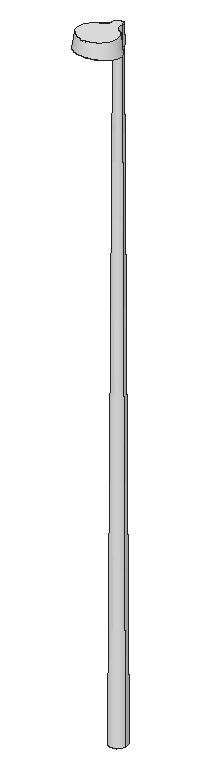
Revit family "Lighting_Outside_Focus-Lighting_Nyx-330_Lantern", category Lighting Fixtures, Revit 2017
Family settings
  Round Connector Dimension = Use Diameter
  Part Type = Normal
  OmniClass Number = 23.80.70.14
  OmniClass Title = Luminaries for External Lighting
  Work Plane-Based = No
  Always vertical = Yes
  Cut with Voids When Loaded = No
  Light Source = Yes
  Shared = No
  Room Calculation Point = No
Parameters (values of type "NYX 330 Lantern")
  Weight = "8 kg"
  Wattage = 28.2748 W
  WarrantyStartDate [instance] = "n/a"
  WarrantyGuarantorParts = "n/a"
  WarrantyGuarantorLabor = "n/a"
  WarrantyDurationUnit = "Hours"
  WarrantyDurationParts = "n/a"
  WarrantyDurationLabor = "n/a"
  WarrantyDescription = "n/a"
  built-in parameter 1150110 = 1 (stored number, unit not read)
  VersionDate = "01/07/2019"  # constant formula
  Version = "1"  # constant formula
  UsageCurrent = 22 A
  Uniclass2015Reference = "Pr_70_70_48_46"
  Uniclass2015Description = "Light-emitting diode (LED) luminaires"
  Uniclass2 = "Pr_70_70_49_43"
  URL = "https://www.focus-lighting.dk/products/nyx-330/nyx-330-lantern/"
  TotalWattage = 40 W
  built-in parameter 1114217 = 1 (stored number, unit not read)
  Tilt Angle = 90.00°
  built-in parameter 1150109 = 1 (stored number, unit not read)
  built-in parameter 1150134 = (empty or 0)
  TagNumber [instance] = "n/a"
  SustainabilityPerformance = "n/a"
  built-in parameter 1150113 = 1 (stored number, unit not read)
  Size = "330 x 440 x 5200 mm"
  Shape = "Sculptured"
  SerialNumber [instance] = "n/a"
  Revision = "n/a"
  ReplacementCost = "n/a"
  ProductInformation = "The Nyx 330 lantern is suitable for 3 to 6 meter poles. The lantern will fit any pole type with a top diameter of 60 mm."
  ProductDatasheet = "https://www.focus-lighting.dk/media/74311/nyx330_eng_productdata.pdf"
  Photometric Web File = "Nyx 330_FFg4DA_T3_730.IES"
  PhaseReference = "n/a"
  PhaseAngle = 0.00°
  OutputRatio = "87.5%"
  OtherControlOptions = "DALI, Line switch, AmpDim; DALI via Zhaga book 18 socket"
  NumberOfSources = 0
  NumberOfPoles = 1
  NominalWidth = 330 mm
  NominalVoltageCalc = 220 V
  NominalVoltage = 220 V
  NominalHeight = 5200 mm
  NominalFrequencyRange = 50 Hz
  NominalDepth = 440 mm
  NominalCurrent = 0 A
  Name = "Nyx-330_Lantern"
  NBSReference = "90-60-50/405"
  NBSDescription = "General purpose luminaires"
  ModelReference = ArticleNumber  # "8914-"
  ModelNumber = "n/a"
  Model = "NYX 330 Lantern"
  Material = "Cast aluminium & polycarbonate"
  ManufacturersSpecificInformation = "n/a"
  ManufacturerURL = "https://www.focus-lighting.dk/home/"
  ManufacturerName = "Focus Lighting"
  Manufacturer = "Focus Lighting"
  MaintenanceFactor = 0
  Lumens = 4200 lm
  built-in parameter 1150115 = 1 (stored number, unit not read)
  built-in parameter 1150105 = 334.23 (stored number, unit not read)
  LightingProtectionClassification = "Class II"
  LightSource = "FF-DA, T3, for local roads, P, HS, and C classes"
  LightFixturePlacingType = "Floor"
  LightFixtureMountingType = "Surface"
  LightFixtureMainMaterial [instance] = Die cast aluminum graphite grey
  built-in parameter 1150137 = (empty or 0)
  built-in parameter 1150139 = (empty or 0)
  LensMaterial = Clear polycarbonate
  built-in parameter 1150112 = 1 (stored number, unit not read)
  built-in parameter 1150114 = 1 (stored number, unit not read)
  IntensityClass = "G*3"
  InsulationStandardClass = "n/a"
  InstallationDate [instance] = "n/a"
  built-in parameter 1150132 = 2
  built-in parameter 1150102 = (empty or 0)
  built-in parameter 1150138 = (empty or 0)
  built-in parameter 1150107 = 3000 (stored number, unit not read)
  ImpactResistance = "IK10"
  built-in parameter 1150106 = 3.3423 (stored number, unit not read)
  IfcExportType = "NOTDEFINED"  # constant formula
  IfcExportAs = "IfcLightFixtureType"  # constant formula
  IP_Code = "IP 66"
  HasProtectiveEarth = no
  Grade = "n/a"
  Finish = "Cast aluminium : Graphite grey: SW302G (close to RAL 9007); Silver grey: MW300D; Black: Noir 900 Sablé, SN351F or RAL 9005; Corten brown: Mars YX355F. Diffuser: Polycarbonate, clear."
  Features = "Mounting: On pole w. 60 mm top diameter; Adapter for 48 and 42 mm poles; Available with penetrated housing for multiple lanterns on Ø60mm poles. Connection: In the pole; The luminaire is supplied with 5.5 m lead 2x1 mm2"
  ExpectedLife = "min 120,000 hours at ta max 25°, L80B10"
  ElectricalDeviceNominalPower = 0
  built-in parameter 1150104 = 13.8 (stored number, unit not read)
  DurationUnit = "Hours"
  Driver = "Xitanium Full Xi FP 40 W 0.2-0.7 A"
  Dimming Lamp Color Temperature Shift = <None>
  Dimming = "Programming range 15-100%\r\nDALI (4-conductor), Line switch, AmpDim"
  Designer = "Vilhelm Lauritzen Architects"
  Description = "The Nyx 330 lantern is suitable for 3 to 6 meter poles. The lantern will fit any pole type with a top diameter of 60 mm."
  DefaultElevation = 0 mm
  CorrosionResistance = "C4"
  ConvergoRefNr = "0147-1907-0001-DK"
  Constituents = "n/a"
  ColourTolerance = "4 Steps SDCM"
  ColourRenderingIndex = "min 70 Ra, typically 75 Ra, 80 Ra optional"
  Color Filter = 16777215
  Color = "Various"
  Collection = "Nyx 330"
  CodePerformance = "n/a"
  Category = "Outdoor"
  Brand = "Focus Lighting"
  Barcode [instance] = "n/a"
  built-in parameter 1114218 = 1 (stored number, unit not read)
  BIMObjectName = "Lighting_Outside_Focus-Lighting_Nyx-330_Lantern"
  Author = "Convergo AB"  # constant formula
  built-in parameter 1150133 = 10 (stored number, unit not read)
  AssetType = "Fixed"
  AssetIdentifier [instance] = "n/a"
  ArticleNumber = "8914-"
  AccessibilityPerformance = "n/a"
Reference planes
  plane 1 "Light Source Axis (F/B)": y = 0
  plane 2: z = 0
  plane 3 "Light Source Axis (L/R)": x = 0
  plane 4 "Light Source Elevation": z = 5061.597
  plane 5: x = -165
  plane 6: x = 165
  plane 7: y = -375
  plane 8: z = 5200
  plane 9: y = 65
Forms (mm)
  Blend 1, solid, material "Die cast aluminum graphite grey" <- "LightFixtureMainMaterial", detail levels medium+fine
    base sketch origin (0, 0, 0) x (1, 0, 0) y (0, 1, 0)
      loop
        circle (0, 0) r 65
    top sketch origin (0, 0, 0) x (1, 0, 0) y (0, 1, 0)
      loop
        circle (0, 0) r 35
    from 0 to 5061.597
  Blend 2, solid, material "Die cast aluminum graphite grey" <- "LightFixtureMainMaterial", detail levels medium+fine
    base sketch origin (0, 0, 0) x (1, 0, 0) y (0, 1, 0)
      loop
        arc (-79.352, -65.334) -> (0, -375) -> (79.352, -65.334) r 165
        arc (79.352, -65.334) -> (50.693, -37.945) -> (39.999, 0.227) r 75
        arc (39.999, 0.227) -> (0, 40) -> (-39.999, 0.227) r 40
        arc (-39.999, 0.227) -> (-50.693, -37.945) -> (-79.352, -65.334) r 75
    top sketch origin (0, 0, 0) x (1, 0, 0) y (0, 1, 0)
      loop
        arc (-80.072, -84.113) -> (0, -350) -> (80.072, -84.113) r 145
        arc (80.072, -84.113) -> (46.978, -47.714) -> (35, 0) r 101.023
        arc (35, 0) -> (0, 35) -> (-35, 0) r 35
        arc (-35, 0) -> (-46.978, -47.714) -> (-80.072, -84.113) r 101.023
    from 5000 to 5200
  Extrusion 3, void
    sketch origin (0, 0, 0) x (0, 1, 0) y (0, 0, 1)
      loop
        line (50.414, 5007.426) -> (-379.586, 5099.223) -> (-379.586, 4997.426) -> (50.414, 4997.426) -> (50.414, 5007.426)
      loop
        line (50.414, 5169.152) -> (50.414, 5209.152) -> (-350, 5209.152) -> (-350, 5200) -> (50.414, 5169.152)
    from 175 to -175
  Revolve 4, void
    sketch origin (0, 0, 0) x (0, 1, 0) y (0, 0, 1)
      loop
        line (-358.965, 5090.826) -> (-212.27, 5059.509) -> (-206.235, 5087.779) -> (-352.929, 5119.096) -> (-358.965, 5090.826)
      axis (-206.235, 5087.779) -> (-212.27, 5059.509)
    angle from 0 to 360
  Revolve 5, solid, material "Clear polycarbonate" <- "LensMaterial", detail levels medium+fine
    sketch origin (0, 0, 0) x (0, 1, 0) y (0, 0, 1)
      loop
        line (-352.929, 5119.096) -> (-358.984, 5090.735) -> (-212.29, 5059.418) -> (-211.454, 5063.33) -> (-357.171, 5094.438) -> (-351.951, 5118.887) -> (-352.929, 5119.096)
      axis (-212.29, 5059.418) -> (-206.235, 5087.779)
    angle from 0 to 360
  Extrusion 6, void
    sketch origin (0, 0, 0) x (0, 1, 0) y (0, 0, 1)
      loop
        line (-67.832, 5032.669) -> (-45.201, 5027.838) -> (-41.651, 5044.463) -> (-64.283, 5049.295) -> (-67.832, 5032.669)
    from 20 to -20
  Extrusion 7, solid, material "Die cast aluminum graphite grey" <- "LightFixtureMainMaterial", detail levels medium+fine
    sketch origin (0, 0, 0) x (0, 1, 0) y (0, 0, 1)
      loop
        line (-67.048, 5032.502) -> (-49.11, 5028.673)
        spline (-49.11, 5028.673) -> (-48.76, 5028.619) -> (-48.406, 5028.606) -> (-48.056, 5028.633) -> (-47.714, 5028.702) -> (-47.386, 5028.81) -> (-47.078, 5028.955) -> (-46.794, 5029.136) -> (-46.54, 5029.349) -> (-46.319, 5029.592) -> (-46.134, 5029.859) -> (-45.99, 5030.146) -> (-45.888, 5030.45)
        line (-45.888, 5030.45) -> (-45.425, 5032.663)
        spline (-45.425, 5032.663) -> (-45.264, 5033.83) -> (-45.273, 5035.013) -> (-45.453, 5036.191) -> (-45.801, 5037.345) -> (-46.31, 5038.454) -> (-46.972, 5039.501) -> (-47.775, 5040.466) -> (-48.706, 5041.333) -> (-49.749, 5042.088) -> (-50.886, 5042.718) -> (-52.097, 5043.211) -> (-53.362, 5043.56)
        line (-53.362, 5043.56) -> (-64.194, 5045.872) -> (-67.048, 5032.502)
    from 19.5 to -19.5
  Extrusion 8, solid, material "Die cast aluminum graphite grey", detail levels coarse
    sketch origin (0, 0, 0) x (1, 0, 0) y (0, 1, 0)
      loop
        line (-165, 65) -> (-165, -375) -> (165, -375) -> (165, 65) -> (-165, 65)
    from 5200 to 0
Cuts and joins
  Extrusion 6 cuts Blend 1
  Extrusion 3, Revolve 4, Extrusion 6 cuts Blend 2
  joined: Blend 1, Blend 2
Lines and regions (mm)
  symbolic lines, detail levels medium+fine
    curve 1: arc (-65, 0, 0) -> (0, 65, 0) -> (65, 0, 0) r 65
    curve 2: arc (65, 0, 0) -> (61.483, -21.09, 0) -> (51.314, -39.898, 0) r 65
    curve 5: arc (-80.737, -66.102, 0) -> (0, -375, 0) -> (80.737, -66.102, 0) r 165
    curve 8: arc (-51.314, -39.898, 0) -> (-64.247, -54.998, 0) -> (-80.737, -66.102, 0) r 73.88
    curve 9: arc (-51.314, -39.898, 0) -> (-61.483, -21.09, 0) -> (-65, 0, 0) r 65
    curve 10: arc (51.314, -39.898, 0) -> (64.246, -54.997, 0) -> (80.737, -66.102, 0) r 73.88
    curve 18: line (0, 65, 0) -> (0, -65, 0)
    curve 19: line (0, -35.359, 5025.737) -> (0, -65, 0)
    curve 20: line (0, 42.816, 5009.048) -> (0, 35.448, 5010.621)
    curve 21: line (0, -363.039, 5095.691) -> (0, -350, 5200)
    curve 22: line (0, -350, 5200) -> (0, 35.73, 5170.284)
    curve 23: line (0, 42.816, 5009.048) -> (0, 35.73, 5170.284)
    curve 25: line (0, 35.448, 5010.621) -> (0, 65, 0)
    curve 26: line (0, -35.359, 5025.737) -> (0, -64.76, 5032.013)
    curve 27: line (0, -358.984, 5090.735) -> (0, -65.595, 5028.101)
    curve 28: line (0, -65.595, 5028.101) -> (0, -64.76, 5032.013)
    curve 29: line (0, -358.984, 5090.735) -> (0, -358.149, 5094.647)
    curve 30: line (0, -358.149, 5094.647) -> (0, -363.039, 5095.691)
    curve 34: spline (-145, 0, 5185.002) -> (-140.059, 0, 5188.884) -> (-125.574, 0, 5192.502) -> (-102.531, 0, 5195.609) -> (-72.5, 0, 5197.992) -> (-37.529, 0, 5199.491) -> (0, 0, 5200.002) -> (37.529, 0, 5199.491) -> (72.5, 0, 5197.992) -> (102.53, 0, 5195.609) -> (125.574, 0, 5192.502) -> (140.059, 0, 5188.884) -> (145, 0, 5185.002)
    curve 35: line (-145, 0, 5185.002) -> (-165, 0, 5061.597)
    curve 36: line (145, 0, 5185.002) -> (165, 0, 5061.597)
    curve 42: line (-65, 0, 0) -> (65, 0, 0)
    curve 46: line (-53.209, 0, 5027.765) -> (-67.271, 0, 5031.012)
    curve 47: arc (-41.804, 0, 5022.095) -> (-47.172, 0, 5025.602) -> (-53.209, 0, 5027.765) r 27.41
    curve 48: arc (-39.446, 0, 5018.144) -> (-40.289, 0, 5020.32) -> (-41.804, 0, 5022.095) r 6.959
    curve 49: arc (-35.175, 0, 5013.524) -> (-37.956, 0, 5015.237) -> (-39.446, 0, 5018.144) r 6.066
    curve 50: line (53.209, 0, 5027.765) -> (67.271, 0, 5031.012)
    curve 51: arc (41.804, 0, 5022.095) -> (47.172, 0, 5025.602) -> (53.209, 0, 5027.765) r 27.41
    curve 52: arc (39.446, 0, 5018.144) -> (40.289, 0, 5020.32) -> (41.804, 0, 5022.095) r 6.959
    curve 53: arc (35.175, 0, 5013.524) -> (37.956, 0, 5015.237) -> (39.446, 0, 5018.144) r 6.066
    curve 54: line (-35.175, 0, 5013.524) -> (-65, 0, 0)
    curve 55: line (35.175, 0, 5013.524) -> (65, 0, 0)
    curve 57: spline (165, 0, 5061.597) -> (164.242, 0, 5058.389) -> (161.974, 0, 5055.211) -> (158.218, 0, 5052.092) -> (153.007, 0, 5049.06) -> (146.39, 0, 5046.143) -> (138.428, 0, 5043.369) -> (129.194, 0, 5040.762) -> (118.772, 0, 5038.346) -> (107.259, 0, 5036.144) -> (94.759, 0, 5034.176) -> (81.389, 0, 5032.46) -> (67.271, 0, 5031.012)
    curve 58: spline (-67.271, 0, 5031.012) -> (-81.389, 0, 5032.46) -> (-94.759, 0, 5034.176) -> (-107.259, 0, 5036.144) -> (-118.772, 0, 5038.346) -> (-129.194, 0, 5040.762) -> (-138.428, 0, 5043.369) -> (-146.39, 0, 5046.143) -> (-153.007, 0, 5049.06) -> (-158.218, 0, 5052.092) -> (-161.974, 0, 5055.211) -> (-164.242, 0, 5058.389) -> (-165, 0, 5061.597)
  symbolic lines, detail levels fine
    curve 3: spline (39.505, 0.762, 0) -> (38.226, 10.807, 0) -> (34.316, 20.182, 0) -> (28.044, 28.241, 0) -> (19.842, 34.429, 0) -> (10.275, 38.321, 0) -> (0, 39.648, 0) -> (-10.275, 38.321, 0) -> (-19.842, 34.429, 0) -> (-28.044, 28.241, 0) -> (-34.316, 20.182, 0) -> (-38.226, 10.807, 0) -> (-39.505, 0.762, 0)
    curve 4: spline (-35.666, 0.125, 0) -> (-34.461, 9.337, 0) -> (-30.904, 17.924, 0) -> (-25.237, 25.299, 0) -> (-17.847, 30.958, 0) -> (-9.239, 34.516, 0) -> (0, 35.73, 0) -> (9.239, 34.516, 0) -> (17.847, 30.958, 0) -> (25.237, 25.299, 0) -> (30.904, 17.924, 0) -> (34.461, 9.337, 0) -> (35.666, 0.125, 0)
    curve 6: arc (-39.505, 0.762, 0) -> (-42.435, -20.432, 0) -> (-51.314, -39.898, 0) r 73.88
    curve 7: arc (39.505, 0.762, 0) -> (42.435, -20.432, 0) -> (51.314, -39.898, 0) r 73.88
    curve 11: arc (-87.852, -94.644, 0) -> (0, -355, 0) -> (87.852, -94.644, 0) r 145
    curve 12: arc (-87.852, -94.644, 0) -> (-49.541, -53.988, 0) -> (-35.666, 0.125, 0) r 111.868
    curve 13: arc (87.852, -94.644, 0) -> (49.541, -53.988, 0) -> (35.666, 0.125, 0) r 111.868
    curve 24: line (0, 35.448, 5010.621) -> (0, -35.359, 5025.737)
    curve 31: line (0, -64.76, 5032.013) -> (0, -358.149, 5094.647)
    curve 32: line (0, 35.507, 5000.57) -> (0, -35.507, 5000.57)
    curve 33: spline (-161, 0, 5068.927) -> (-148.883, 0, 5076.035) -> (-129.26, 0, 5082.415) -> (-103.118, 0, 5087.745) -> (-71.777, 0, 5091.757) -> (-36.817, 0, 5094.248) -> (0, 0, 5095.092) -> (36.817, 0, 5094.248) -> (71.777, 0, 5091.757) -> (103.118, 0, 5087.745) -> (129.26, 0, 5082.415) -> (148.883, 0, 5076.035) -> (161, 0, 5068.927)
    curve 37: line (161, 0, 5061.597) -> (-161, 0, 5061.597)
    curve 38: line (-161, 0, 5061.597) -> (161, 0, 5061.597)
    curve 39: line (-161, 0, 5061.597) -> (-161, 0, 5068.927)
    curve 40: line (161, 0, 5061.597) -> (161, 0, 5068.927)
    curve 41: spline (161, 0, 5068.927) -> (161.637, 0, 5068.325) -> (162.219, 0, 5067.721) -> (162.746, 0, 5067.114) -> (163.218, 0, 5066.506) -> (163.635, 0, 5065.896) -> (163.997, 0, 5065.285) -> (164.303, 0, 5064.672) -> (164.554, 0, 5064.058) -> (164.749, 0, 5063.444) -> (164.888, 0, 5062.828) -> (164.972, 0, 5062.213) -> (165, 0, 5061.597)
    curve 43: line (35.147, 0, 5018.189) -> (35.175, 0, 5013.524)
    curve 44: line (-35.147, 0, 5018.189) -> (-35.175, 0, 5013.524)
    curve 45: spline (-35.147, 0, 5018.189) -> (-33.949, 0, 5020.127) -> (-30.438, 0, 5021.934) -> (-24.853, 0, 5023.486) -> (-17.573, 0, 5024.676) -> (-9.097, 0, 5025.424) -> (0, 0, 5025.68) -> (9.097, 0, 5025.424) -> (17.573, 0, 5024.676) -> (24.853, 0, 5023.486) -> (30.438, 0, 5021.934) -> (33.949, 0, 5020.127) -> (35.147, 0, 5018.189)
    curve 56: spline (-165, 0, 5061.597) -> (-164.972, 0, 5062.213) -> (-164.888, 0, 5062.828) -> (-164.749, 0, 5063.444) -> (-164.554, 0, 5064.058) -> (-164.303, 0, 5064.672) -> (-163.997, 0, 5065.285) -> (-163.635, 0, 5065.896) -> (-163.218, 0, 5066.506) -> (-162.746, 0, 5067.114) -> (-162.219, 0, 5067.721) -> (-161.637, 0, 5068.325) -> (-161, 0, 5068.927)
    curve 59: spline (67.271, 0, 5031.012) -> (56.57, 0, 5030.132) -> (45.592, 0, 5029.405) -> (34.391, 0, 5028.837) -> (23.021, 0, 5028.429) -> (11.539, 0, 5028.183) -> (0, 0, 5028.101) -> (-11.539, 0, 5028.183) -> (-23.021, 0, 5028.429) -> (-34.391, 0, 5028.837) -> (-45.592, 0, 5029.405) -> (-56.57, 0, 5030.132) -> (-67.271, 0, 5031.012)
    curve 60: line (35.256, 0, 4999.767) -> (-35.256, 0, 4999.767)
  symbolic lines, detail levels coarse
    curve 14: line (165, 65, 0) -> (-165, 65, 0)
    curve 15: line (-165, 65, 0) -> (-165, -375, 0)
    curve 16: line (165, -375, 0) -> (165, 65, 0)
    curve 17: line (-165, -375, 0) -> (165, -375, 0)
    curve 61: line (0, -375, 5200) -> (0, -375, 0)
    curve 62: line (0, 65, 5200) -> (0, -375, 5200)
    curve 63: line (0, 65, 0) -> (0, 65, 5200)
    curve 64: line (0, -375, 0) -> (0, 65, 0)
    curve 65: line (165, 0, 0) -> (165, 0, 5200)
    curve 66: line (-165, 0, 5200) -> (-165, 0, 0)
    curve 67: line (165, 0, 5200) -> (-165, 0, 5200)
    curve 68: line (-165, 0, 0) -> (165, 0, 0)
Dimensions and locks
  equal spacing: plane 5, plane 3 "Light Source Axis (L/R)", plane 6
  "NominalWidth": plane 5 to plane 6
  "NominalHeight": plane 8 to plane 2
  "NominalDepth": plane 7 to plane 9
  locked: plane 1 "Light Source Axis (F/B)" to plane 9 at 65
  aligned and locked: plane 4 "Light Source Elevation" to imposter light
  aligned and locked: level to plane 2
Automatic sketch dimensions
  plane 1 "Light Source Axis (F/B)" to Blend 1 sketch curve = 0 mm  (x2)
  Blend 1 sketch curve to plane 3 "Light Source Axis (L/R)" = 0 mm  (x2)
  plane 1 "Light Source Axis (F/B)" to Blend 2 sketch curve = 0 mm  (x2)
  Blend 2 sketch curve to plane 3 "Light Source Axis (L/R)" = 0 mm  (x4)
  Blend 2 sketch curve to plane 1 "Light Source Axis (F/B)" = 0.654 mm  (x2)
  plane 7 to Blend 2 sketch curve = 165 mm
  Blend 2 sketch curve to plane 1 "Light Source Axis (F/B)" = 0.227 mm  (x2)
  Blend 2 sketch curve to plane 3 "Light Source Axis (L/R)" = 39.999 mm
  Blend 2 sketch curve to Blend 2 sketch curve = 0 mm  (x4)
  Blend 2 sketch curve to Blend 2 sketch curve = 35.647 mm
  plane 5 to Blend 2 sketch curve = 28.977 mm
  plane 6 to Blend 2 sketch curve = 28.977 mm
  Blend 2 sketch curve to plane 3 "Light Source Axis (L/R)" = 35 mm
  Blend 2 sketch curve to plane 3 "Light Source Axis (L/R)" = 80.072 mm
  Blend 2 sketch curve to Blend 2 sketch curve = 120.887 mm
  Extrusion 3 sketch curve to plane 8 = 0 mm
  Extrusion 3 sketch curve to plane 7 = 4.586 mm
  plane 8 to Extrusion 3 sketch curve = 9.152 mm
  plane 7 to Extrusion 3 sketch curve = 25 mm
  plane 9 to Extrusion 3 sketch curve = 14.586 mm  (x2)
  Extrusion 3 sketch curve to plane 8 = 30.848 mm
  Extrusion 3 sketch curve to plane 4 "Light Source Elevation" = 37.626 mm
  plane 4 "Light Source Elevation" to Extrusion 3 sketch curve = 54.171 mm
  plane 4 "Light Source Elevation" to Extrusion 3 sketch curve = 64.171 mm
  plane 7 to Revolve 4 sketch curve = 16.035 mm
  plane 7 to Revolve 4 sketch curve = 22.071 mm
  plane 4 "Light Source Elevation" to Revolve 4 sketch curve = 2.088 mm  (x2)
  Revolve 4 sketch curve to Revolve 4 sketch curve = 146.694 mm
  Revolve 4 sketch curve to plane 4 "Light Source Elevation" = 26.182 mm  (x2)
  Revolve 4 sketch curve to Revolve 4 sketch curve = 0 mm  (x2)
  plane 7 to Revolve 5 sketch curve = 16.016 mm
  Revolve 5 sketch curve to Revolve 5 sketch curve = 1.813 mm
  plane 7 to Revolve 5 sketch curve = 22.071 mm
  Revolve 5 sketch curve to Revolve 5 sketch curve = 0.978 mm
  plane 4 "Light Source Elevation" to Revolve 5 sketch curve = 2.179 mm  (x2)
  Revolve 5 sketch curve to Revolve 5 sketch curve = 144.881 mm
  Revolve 5 sketch curve to plane 4 "Light Source Elevation" = 1.733 mm
  Revolve 5 sketch curve to Revolve 5 sketch curve = 0 mm
  Revolve 5 sketch curve to plane 4 "Light Source Elevation" = 26.182 mm
  Revolve 5 sketch curve to Revolve 5 sketch curve = 5.219 mm
  plane 1 "Light Source Axis (F/B)" to Extrusion 6 sketch curve = 67.832 mm
  plane 4 "Light Source Elevation" to Extrusion 6 sketch curve = 12.302 mm
  Extrusion 6 sketch curve to Extrusion 6 sketch curve = 3.549 mm
  Extrusion 6 sketch curve to Extrusion 6 sketch curve = 22.632 mm
  plane 4 "Light Source Elevation" to Extrusion 6 sketch curve = 17.134 mm
  plane 4 "Light Source Elevation" to Extrusion 7 sketch curve = 29.095 mm
  plane 1 "Light Source Axis (F/B)" to Extrusion 7 sketch curve = 67.048 mm
  plane 4 "Light Source Elevation" to Extrusion 7 sketch curve = 15.725 mm
  Extrusion 7 sketch curve to Extrusion 7 sketch curve = 2.854 mm
  plane 4 "Light Source Elevation" to Extrusion 7 sketch curve = 18.037 mm
  plane 4 "Light Source Elevation" to Extrusion 7 sketch curve = 32.924 mm
  Extrusion 7 sketch curve to Extrusion 7 sketch curve = 3.223 mm
  Extrusion 7 sketch curve to Extrusion 7 sketch curve = 0.462 mm
  Extrusion 7 sketch curve to Extrusion 7 sketch curve = 1.778 mm
  Extrusion 7 sketch curve to Extrusion 7 sketch curve = 2.213 mm
  Extrusion 7 sketch curve to Extrusion 7 sketch curve = 0.524 mm  (x2)
  curve 1 to curve 9 = 0 mm
  curve 2 to curve 9 = 0 mm
  curve 6 to curve 8 = 0 mm  (x2)
  curve 7 to curve 10 = 0 mm  (x2)
  plane 1 "Light Source Axis (F/B)" to curve 1 = 0 mm
  curve 2 to plane 3 "Light Source Axis (L/R)" = 0 mm
  curve 4 to plane 3 "Light Source Axis (L/R)" = 0 mm
  curve 8 to plane 1 "Light Source Axis (F/B)" = 0.174 mm
  plane 5 to curve 8 = 51.617 mm
  plane 1 "Light Source Axis (F/B)" to curve 12 = 0.026 mm
  plane 5 to curve 12 = 17.466 mm
  curve 10 to plane 1 "Light Source Axis (F/B)" = 0.174 mm
  plane 6 to curve 10 = 51.617 mm
  plane 1 "Light Source Axis (F/B)" to curve 13 = 0.026 mm
  curve 7 to curve 13 = 34.151 mm
  curve 12 to plane 1 "Light Source Axis (F/B)" = 0.125 mm
  curve 12 to plane 3 "Light Source Axis (L/R)" = 35.666 mm
  curve 3 to plane 1 "Light Source Axis (F/B)" = 0.762 mm  (x2)
  curve 3 to curve 12 = 3.839 mm
  curve 3 to curve 3 = 0.001 mm
  curve 5 to curve 8 = 29.423 mm
  curve 12 to curve 8 = 7.115 mm
  plane 3 "Light Source Axis (L/R)" to curve 3 = 0 mm
  curve 4 to plane 1 "Light Source Axis (F/B)" = 0.125 mm
  curve 13 to curve 4 = 0 mm
  curve 13 to curve 4 = 0.048 mm
  curve 4 to curve 3 = 0.89 mm
  curve 5 to curve 11 = 0 mm  (x2)
  curve 11 to plane 3 "Light Source Axis (L/R)" = 0 mm
  curve 10 to curve 11 = 7.116 mm
  Extrusion 8 sketch curve to plane 5 = 0 mm
  Extrusion 8 sketch curve to plane 6 = 0 mm
  Extrusion 8 sketch curve to plane 7 = 0 mm
  plane 9 to Extrusion 8 sketch curve = 0 mm
  plane 7 to curve 5 = 165 mm
  curve 14 to plane 5 = 0 mm
  curve 14 to plane 6 = 0 mm
  plane 9 to curve 15 = 0 mm
  curve 16 to plane 7 = 0 mm
  curve 22 to plane 8 = 0 mm
  plane 9 to curve 23 = 22.184 mm
  plane 9 to curve 23 = 29.27 mm
  curve 25 to curve 20 = 7.368 mm
  plane 1 "Light Source Axis (F/B)" to curve 26 = 35.359 mm
  curve 28 to curve 19 = 29.401 mm
  plane 4 "Light Source Elevation" to curve 28 = 33.495 mm
  curve 28 to curve 26 = 0.835 mm
  plane 7 to curve 21 = 25 mm
  plane 7 to curve 29 = 16.851 mm
  curve 30 to curve 29 = 4.89 mm
  plane 4 "Light Source Elevation" to curve 20 = 52.549 mm
  curve 20 to curve 20 = 1.573 mm
  curve 19 to curve 27 = 2.365 mm
  curve 22 to plane 8 = 29.716 mm
  curve 20 to curve 32 = 0.059 mm
  curve 32 to curve 19 = 0.148 mm
  curve 56 to plane 4 "Light Source Elevation" = 0 mm
  curve 56 to plane 5 = 0 mm
  curve 39 to plane 4 "Light Source Elevation" = 0 mm
  curve 42 to level = 0 mm
  curve 59 to plane 3 "Light Source Axis (L/R)" = 0 mm
  curve 45 to plane 3 "Light Source Axis (L/R)" = 0 mm
  curve 41 to plane 3 "Light Source Axis (L/R)" = 0 mm
  curve 58 to plane 3 "Light Source Axis (L/R)" = 0 mm
  curve 57 to plane 3 "Light Source Axis (L/R)" = 0 mm
  curve 33 to plane 3 "Light Source Axis (L/R)" = 0 mm
  curve 56 to plane 3 "Light Source Axis (L/R)" = 0 mm
  curve 41 to plane 4 "Light Source Elevation" = 0 mm
  curve 41 to plane 6 = 0 mm
  curve 59 to plane 4 "Light Source Elevation" = 0 mm
  curve 59 to plane 6 = 0 mm
  curve 33 to plane 4 "Light Source Elevation" = 0 mm
  curve 33 to plane 6 = 0 mm
  curve 35 to curve 39 = 4 mm
  plane 5 to curve 35 = 20 mm
  plane 4 "Light Source Elevation" to curve 46 = 30.585 mm
  curve 46 to plane 3 "Light Source Axis (L/R)" = 67.271 mm
  curve 42 to plane 3 "Light Source Axis (L/R)" = 65 mm
  curve 46 to curve 47 = 7.897 mm
  plane 4 "Light Source Elevation" to curve 46 = 33.832 mm
  curve 46 to curve 46 = 14.063 mm
  curve 46 to curve 48 = 6.944 mm
  curve 48 to curve 54 = 11.09 mm
  curve 49 to curve 44 = 0.028 mm
  curve 44 to curve 49 = 1.644 mm
  curve 53 to curve 43 = 1.644 mm
  curve 45 to curve 55 = 0.028 mm
  curve 45 to curve 52 = 11.118 mm
  curve 52 to curve 50 = 6.944 mm
  curve 52 to curve 51 = 13.11 mm
  plane 4 "Light Source Elevation" to curve 50 = 30.585 mm
  plane 6 to curve 36 = 20 mm
  curve 38 to curve 36 = 4 mm
  curve 47 to curve 46 = 26.708 mm
  curve 51 to curve 59 = 29.955 mm
  curve 51 to curve 55 = 12.467 mm
  curve 44 to curve 46 = 14.241 mm
  curve 53 to curve 52 = 3.23 mm
  curve 49 to curve 48 = 3.23 mm
  curve 49 to curve 44 = 4.665 mm
  curve 43 to curve 53 = 1.166 mm
  curve 44 to curve 49 = 1.166 mm
  curve 52 to curve 50 = 11.011 mm
  curve 37 to curve 40 = 7.331 mm
  curve 36 to plane 8 = 14.998 mm
  curve 48 to curve 47 = 0 mm
  curve 60 to curve 44 = 0.082 mm
  curve 43 to curve 60 = 0.082 mm
  curve 52 to curve 53 = 0 mm
  curve 34 to curve 34 = 15 mm
  curve 61 to plane 7 = 0 mm
  curve 62 to plane 9 = 0 mm
  curve 61 to level = 0 mm
  curve 67 to plane 5 = 0 mm
  curve 65 to level = 0 mm
  plane 6 to curve 65 = 0 mm
  curve 66 to plane 8 = 0 mm
  radius of Blend 1 sketch curve = 65 mm
  radius of Blend 1 sketch curve = 35 mm
